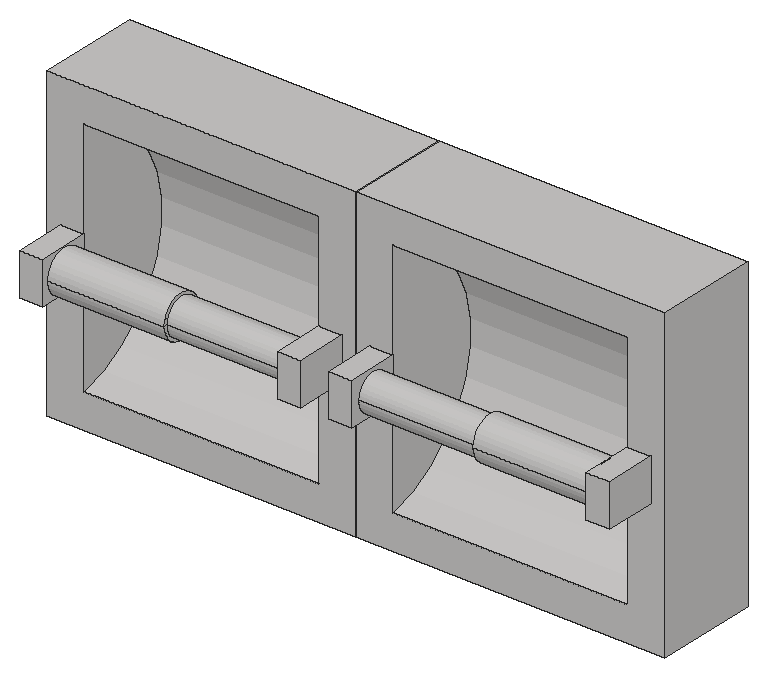
Revit family "Toilet Roll Dispenser_Metlam_Double_Surface Mounted", category Specialty Equipment, Revit 2016
Family settings
  Part Type = Normal
  Round Connector Dimension = Use Diameter
  OmniClass Number = 23.40.20.21.21
  OmniClass Title = Toilet Paper Dispensers
  Work Plane-Based = No
  Always vertical = Yes
  Cut with Voids When Loaded = No
  Shared = No
  Room Calculation Point = Yes
Parameters (values of type "322w x 83d x 161h (ML262SM_S)")
  URL = "http://www.metlam.com.au/"
  Type Comments = "Toilet Roll Dispensers"  # constant formula
  Model = "ML262SM_S"
  Material_ANZRS = z_Metlam_Metal_Stainless Steel_Satin
  Manufacturer_URL__Product Specific = "https://www.metlam.com.au/product/content/toilet-roll-dispensers/ML262SM_S"
  Manufacturer_Spec Code = Model  # "ML262SM_S"
  Manufacturer_Overall Width = 322 mm  # constant formula
  Manufacturer_Overall Height = 161 mm  # constant formula
  Manufacturer_Overall Depth = 83 mm  # constant formula
  Manufacturer_Height From FFL [instance] = 585 mm
  Manufacturer = "Metlam"  # constant formula
  Description = "Double Toilet Roll Holder"  # constant formula
  CreatedBy_ANZRS = "IGS BIM Solutions"  # constant formula
  CreatedByURL_ANZRS = "http://www.igsgroup.com.au/"
  Assembly Code = ""
Reference planes
  plane 1 "Back": y = 0
  plane 2 "Ref. Level": z = 0
  plane 3 "Center (Left/Right)": x = 0
  plane 4 "Right": x = 161
  plane 5 "Left": x = -161
  plane 6 "Wall Mount_Front": y = -54
  plane 7 "Top": z = 665.5
  plane 8 "Bottom": z = 504.5
  plane 9 "Mounting Height": z = 585
  plane 10 "Front": y = -83
Forms (mm)
  Extrusion 1, solid, material "z_Metlam_Metal_Stainless Steel_Satin" <- "Material_ANZRS"
    sketch origin (-80.5, 0, -20) x (1, 0, 0) y (0, 0, 1)
      loop
        line (-80.5, 685.5) -> (-80.5, 524.5) -> (80.5, 524.5) -> (80.5, 685.5) -> (-80.5, 685.5)
    from 0 to 54
  Revolve 2, solid, material "z_Metlam_Metal_Stainless Steel_Satin" <- "Material_ANZRS"
    sketch origin (80.5, -1524, 585) x (-1, 0, 0) y (0, -1, 0)
      loop
        line (222.115, -1456.68) -> (222.115, -1445.68) -> (161, -1445.68) -> (161, -1447.18) -> (99.885, -1447.18) -> (99.885, -1456.68) -> (222.115, -1456.68)
      axis (222.115, -1456.68) -> (99.885, -1456.68)
    angle from 0 to 360
  Extrusion 3, solid, material "z_Metlam_Metal_Stainless Steel_Satin" <- "Material_ANZRS"
    sketch origin (-80.5, 0, 0) x (0, 1, 0) y (0, 0, 1)
      loop
        line (-54, 596) -> (-81, 596) -> (-81, 574) -> (-54, 574) -> (-54, 596)
    from 61.115 to 73.125
  Extrusion 4, solid, material "z_Metlam_Metal_Stainless Steel_Satin" <- "Material_ANZRS"
    sketch origin (-80.5, 0, 0) x (0, 1, 0) y (0, 0, -1)
      loop
        line (-54, -596) -> (-54, -574) -> (-81, -574) -> (-81, -596) -> (-54, -596)
    from 61.115 to 73.125
  Extrusion 5, void
    sketch origin (-80.5, 0, 0) x (0, 1, 0) y (0, 0, 1)
      loop
        arc (-54, 522.518) -> (-3.854, 585) -> (-54, 647.482) r 64
        line (-54, 647.482) -> (-54, 522.518)
    from -61.115 to 61.115
  Extrusion 6, solid, material "z_Metlam_Metal_Stainless Steel_Satin" <- "Material_ANZRS"
    sketch origin (80.5, 0, -20) x (-1, 0, 0) y (0, 0, -1)
      loop
        line (-80.5, -685.5) -> (80.5, -685.5) -> (80.5, -524.5) -> (-80.5, -524.5) -> (-80.5, -685.5)
    from 0 to 54
  Revolve 7, solid, material "z_Metlam_Metal_Stainless Steel_Satin" <- "Material_ANZRS"
    sketch origin (80.5, -1524, 585) x (-1, 0, 0) y (0, -1, 0)
      loop
        line (-61.115, -1456.68) -> (61.115, -1456.68) -> (61.115, -1447.18) -> (0, -1447.18) -> (0, -1445.68) -> (-61.115, -1445.68) -> (-61.115, -1456.68)
      axis (-61.115, -1456.68) -> (61.115, -1456.68)
    angle from 0 to 360
  Extrusion 8, solid, material "z_Metlam_Metal_Stainless Steel_Satin" <- "Material_ANZRS"
    sketch origin (80.5, 0, 0) x (0, 1, 0) y (0, 0, -1)
      loop
        line (-54, -596) -> (-54, -574) -> (-81, -574) -> (-81, -596) -> (-54, -596)
    from 61.115 to 73.125
  Extrusion 9, solid, material "z_Metlam_Metal_Stainless Steel_Satin" <- "Material_ANZRS"
    sketch origin (80.5, 0, 0) x (0, 1, 0) y (0, 0, 1)
      loop
        line (-54, 596) -> (-81, 596) -> (-81, 574) -> (-54, 574) -> (-54, 596)
    from 61.115 to 73.125
  Extrusion 10, void
    sketch origin (80.5, 0, 0) x (0, 1, 0) y (0, 0, -1)
      loop
        line (-54, -522.518) -> (-54, -647.482)
        arc (-54, -647.482) -> (-3.854, -585) -> (-54, -522.518) r 64
    from -61.115 to 61.115
Cuts and joins
  Extrusion 5 cuts Extrusion 1
  Extrusion 10 cuts Extrusion 6
Lines and regions (mm)
  Masking region 1
    outline origin (0, 0, 0) x (1, 0, 0) y (0, 1, 0)
      loop
        line (-161, 0) -> (-161, -54) -> (-153.625, -54) -> (-153.625, -83) -> (-141.615, -83) -> (-141.615, -80.32) -> (-19.385, -80.32) -> (-19.385, -83) -> (-7.375, -83) -> (-7.375, -54) -> (7.375, -54) -> (7.375, -83) -> (19.385, -83) -> (19.385, -80.32) -> (141.615, -80.32) -> (141.615, -83) -> (153.625, -83) -> (153.625, -54) -> (161, -54) -> (161, 0) -> (-161, 0)
  symbolic lines, style "Bathroom Fixtures", detail levels medium+fine
    curve 1: line (-153.625, -54, 0) -> (153.625, -54, 0)
    curve 2: line (141.615, -80.32, 0) -> (141.615, -54, 0)
    curve 3: line (19.385, -80.32, 0) -> (19.385, -54, 0)
    curve 4: line (-19.385, -80.32, 0) -> (-19.385, -54, 0)
    curve 5: line (-141.615, -80.32, 0) -> (-141.615, -54, 0)
Text (mm)
  text "> Contact Manufacturer to confirm feasibility of design variations outside the scope of this Revit Family\n\n\n\nDisclaimer:\n\nDue to ongoing product development and manufacturing evolution, product details are subject to change without notice. Please refer to product technical data sheets on the manufacturer’s website for the most current product information. Please allow a +/- 5mm manufacturing tolerance for dimensions and set-outs shown in product literature." at (289.305, 92.606, 0), in view "Ref. Level_Instruction"
Dimensions and locks
  "Manufacturer_Overall Height": plane 7 "Top" to plane 8 "Bottom"
  "Manufacturer_Overall Width": plane 5 "Left" to plane 4 "Right"
  "Manufacturer_Height From FFL": level to plane 9 "Mounting Height"
  locked: plane 10 "Front" to plane 6 "Wall Mount_Front" at 29
  "Manufacturer_Overall Depth": plane 10 "Front" to plane 1 "Back"
  equal spacing: plane 7 "Top", plane 9 "Mounting Height", plane 8 "Bottom"
  aligned and locked: plane 2 "Ref. Level" to level
  aligned and locked: plane 6 "Wall Mount_Front" to Extrusion 1
  aligned and locked: plane 6 "Wall Mount_Front" to cut or joined group of Extrusion 6, Extrusion 10
Automatic sketch dimensions
  Extrusion 1 sketch curve to plane 5 "Left" = 0 mm
  Extrusion 1 sketch curve to plane 3 "Center (Left/Right)" = 0 mm
  Extrusion 1 sketch curve to plane 8 "Bottom" = 0 mm
  Extrusion 1 sketch curve to plane 7 "Top" = 0 mm
  Revolve 2 sketch curve to plane 3 "Center (Left/Right)" = 19.385 mm
  plane 6 "Wall Mount_Front" to Revolve 2 sketch curve = 13.32 mm  (x2)
  Revolve 2 sketch curve to Revolve 2 sketch curve = 57.131 mm
  Revolve 2 sketch curve to Revolve 2 sketch curve = 3.984 mm
  Revolve 2 sketch curve to Revolve 2 sketch curve = 17.5 mm
  plane 5 "Left" to Revolve 2 sketch curve = 19.385 mm
  Revolve 2 sketch curve to Revolve 2 sketch curve = 9.5 mm
  Revolve 2 sketch curve to Revolve 2 sketch curve = 1.5 mm
  Extrusion 3 sketch curve to plane 6 "Wall Mount_Front" = 0 mm
  Extrusion 3 sketch curve to plane 9 "Mounting Height" = 11 mm
  Extrusion 3 sketch curve to Extrusion 3 sketch curve = 27 mm
  plane 9 "Mounting Height" to Extrusion 3 sketch curve = 11 mm
  Extrusion 4 sketch curve to plane 6 "Wall Mount_Front" = 0 mm
  Extrusion 4 sketch curve to plane 9 "Mounting Height" = 11 mm
  Extrusion 4 sketch curve to Extrusion 4 sketch curve = 27 mm
  plane 9 "Mounting Height" to Extrusion 4 sketch curve = 11 mm
  Extrusion 5 sketch curve to plane 9 "Mounting Height" = 0 mm
  Extrusion 5 sketch curve to plane 6 "Wall Mount_Front" = 0 mm
  plane 6 "Wall Mount_Front" to Extrusion 5 sketch curve = 13.854 mm
  Extrusion 5 sketch curve to plane 8 "Bottom" = 18.018 mm
  plane 4 "Right" to Extrusion 6 sketch curve = 0 mm
  Extrusion 6 sketch curve to plane 3 "Center (Left/Right)" = 0 mm
  Extrusion 6 sketch curve to plane 7 "Top" = 0 mm
  Extrusion 6 sketch curve to plane 8 "Bottom" = 0 mm
  plane 4 "Right" to Revolve 7 sketch curve = 19.385 mm
  plane 6 "Wall Mount_Front" to Revolve 7 sketch curve = 13.32 mm  (x2)
  Revolve 7 sketch curve to Revolve 7 sketch curve = 43.615 mm
  Revolve 7 sketch curve to Revolve 7 sketch curve = 17.5 mm
  Revolve 7 sketch curve to Revolve 7 sketch curve = 3.984 mm
  plane 3 "Center (Left/Right)" to Revolve 7 sketch curve = 19.385 mm
  Revolve 7 sketch curve to Revolve 7 sketch curve = 9.5 mm
  Revolve 7 sketch curve to Revolve 7 sketch curve = 1.5 mm
  Extrusion 8 sketch curve to plane 6 "Wall Mount_Front" = 0 mm
  Extrusion 8 sketch curve to plane 9 "Mounting Height" = 11 mm
  Extrusion 8 sketch curve to Extrusion 8 sketch curve = 27 mm
  plane 9 "Mounting Height" to Extrusion 8 sketch curve = 11 mm
  Extrusion 9 sketch curve to plane 6 "Wall Mount_Front" = 0 mm
  Extrusion 9 sketch curve to plane 9 "Mounting Height" = 11 mm
  Extrusion 9 sketch curve to Extrusion 9 sketch curve = 27 mm
  plane 9 "Mounting Height" to Extrusion 9 sketch curve = 11 mm
  Extrusion 10 sketch curve to plane 9 "Mounting Height" = 0 mm
  Extrusion 10 sketch curve to plane 6 "Wall Mount_Front" = 0 mm
  plane 6 "Wall Mount_Front" to Extrusion 10 sketch curve = 13.854 mm
  Extrusion 10 sketch curve to plane 7 "Top" = 18.018 mm
  Masking region 1 sketch curve to plane 5 "Left" = 0 mm
  plane 6 "Wall Mount_Front" to Masking region 1 sketch curve = 0 mm  (x3)
  plane 10 "Front" to Masking region 1 sketch curve = 0 mm  (x4)
  plane 1 "Back" to Masking region 1 sketch curve = 0 mm
  Masking region 1 sketch curve to plane 4 "Right" = 0 mm
  Masking region 1 sketch curve to Masking region 1 sketch curve = 7.375 mm  (x2)
  Masking region 1 sketch curve to Masking region 1 sketch curve = 12.01 mm  (x2)
  Masking region 1 sketch curve to plane 10 "Front" = 2.68 mm
  Masking region 1 sketch curve to plane 3 "Center (Left/Right)" = 19.385 mm
  Masking region 1 sketch curve to plane 3 "Center (Left/Right)" = 7.375 mm
  plane 3 "Center (Left/Right)" to Masking region 1 sketch curve = 7.375 mm
  plane 4 "Right" to Masking region 1 sketch curve = 19.385 mm
  Masking region 1 sketch curve to Masking region 1 sketch curve = 2.68 mm
  plane 6 "Wall Mount_Front" to curve 1 = 0 mm
  plane 5 "Left" to curve 1 = 7.375 mm
  curve 5 to plane 10 "Front" = 2.68 mm
  plane 5 "Left" to curve 5 = 19.385 mm
  curve 4 to plane 3 "Center (Left/Right)" = 19.385 mm
  curve 3 to plane 10 "Front" = 2.68 mm
  plane 3 "Center (Left/Right)" to curve 3 = 19.385 mm
  curve 2 to plane 10 "Front" = 2.68 mm
  plane 4 "Right" to curve 2 = 19.385 mm
  plane 4 "Right" to curve 1 = 7.375 mm
  curve 4 to plane 10 "Front" = 2.68 mm
